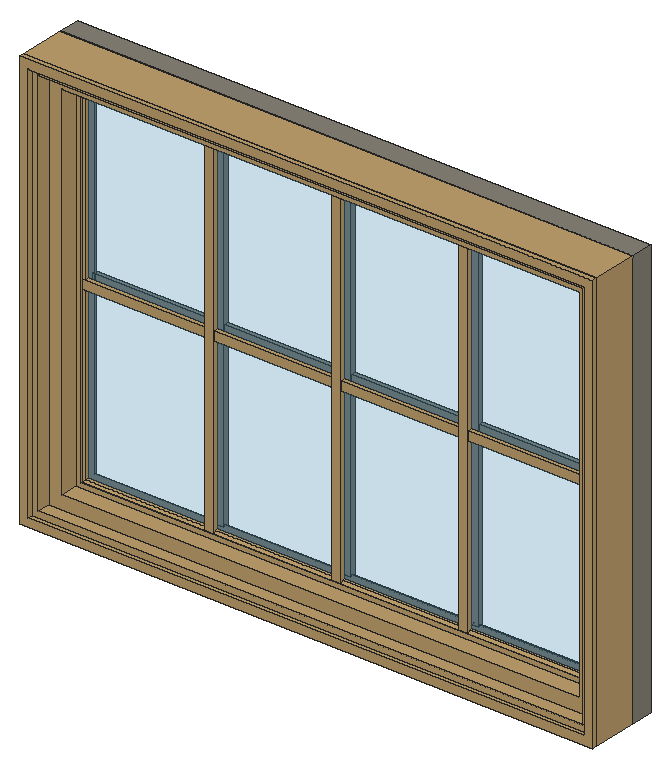
Revit family
Parameters (values of type "CUAWN4836")
  Window Type = "Clad Ultimate Awning"
  Vent Area = VO Width * VO Height  # 8.52221 SF
  VO Width = if(Width < 1' 8", Width - 0' 9 19/32", Width - 0' 7 7/64")  # 3' - 4 57/64"
  VO Height = Height - 0' 5 29/256"  # 2' - 6 3/256"
  URL = "www.marvin.com"
  Prairie Corner Width = 0' - 4"
  Prairie Corner Height = 0' - 4"
  Nominal Width = 4' - 0"
  Nominal Height = 3' - 0"
  Muntins Interior Material = Wood-Marvin-Pine
  Muntins Exterior Material = Aluminum-Marvin-Bronze
  Model = "CUAWN4836"
  Manufacturer = "Marvin Windows and Doors"
  Lites Wide Constraint = if(Nominal Width > 1' 4", Lites Wide, if(Lites Wide < 2, 1, 2))  # 4
  Lites Wide = 4
  Lites High Constraint = if(Nominal Height > 1' 4", Lites High, if(Lites High < 2, 1, 2))  # 2
  Lites High = 2
  Lite Cut Prairie 9 Constraint = if(and(Nominal Width > 1' 4", Nominal Height > 1' 4"), Lite Cut Prairie 9, 1 = 0)  # no
  Lite Cut Prairie 9 = no
  Lite Cut HV Grid = not(Lite Cut Prairie 9 Constraint)  # yes
  Label Visibility = no
  Interior Material = Wood-Marvin-Pine
  Glazing Material = Glass-Marvin-IG Low E II with Argon
  Glass Type = "IG Low E II with Argon"
  Frame = "Aluminum Clad"
  Family created by = "www.rbuiltcomponents.com"
  Elev Swing Visibility [instance] = yes
  Rough Width = Width + 0' 1"  # 4' - 1"
  Rough Height = Height + 0' 0 1/2"  # 2' - 11 5/8"
  Muntins Interior Visibility = yes
  Muntins Exterior Visibility = yes
  Jamb Extension Visibility = yes
  Inset to Installation Flange [instance] = 0' - 1"
  Height = Nominal Height - 0' 0 7/8"  # 2' - 11 1/8"
  Design Pressure = "DP50"
  Description = "4836 AWNG"
  Default Head Height = 8' - 0"
  Wall Closure = (empty or 0)
  Width = Nominal Width  # 4' - 0"
  Daylight Area = DLO Width * DLO Height  # 8.58765 SF
  DLO Width = Width - 0' 5 13/16"  # 3' - 6 3/16"
  DLO Height = Height - 0' 5 13/16"  # 2' - 5 5/16"
  Cladding Material = Aluminum-Marvin-Bronze
  Assembly Code = ""
  Note To User = "All Lite Constraints Apply To Nominal Widths Or Heights < 1 - 6"  # constant formula
Reference planes (in)
  plane 1 "Center (Front/Back)": y = 0
  plane 2: z = 0
  plane 3 "Center (Left/Right)": x = -3
  plane 4 "Left": x = -27
  plane 5 "Right": x = 21
  plane 6 "Sill": z = 60.875
  plane 7 "Top": z = 96
  plane 8 "Inset": y = 2
  plane 9 "Glazing": y = 1.25
  plane 10 "Jamb Ext Face": y = -2.5625
  plane 11: z = 78.4375
  plane 12: y = -2.625
Forms (in)
  Sweep 1, solid, material "Aluminum-Marvin-Bronze" <- "Cladding Material"
    path origin (0, 1.25, 0) x (1, 0, 0) y (0, 0, 1)
      loop
        line (-27, 96) -> (-27, 60.875) -> (21, 60.875) -> (21, 96) -> (-27, 96)
    profile "Profile_Ext_Clad_Frame : Profile_Ext_Clad_Frame" origin (-27, 1.25, 78.4375) x (1, 0, 0) y (0, -1, 0)
      loop
        line (0, 0) -> (0, -1.84401) -> (0.52105, -1.84401) -> (0.62315, -0.38401) -> (2.696, -0.38401) -> (2.696, -0.2654) -> (2.896, -0.0654) -> (2.896, 0) -> (0, 0)
  Sweep 2, solid, material "Wood-Marvin-Pine" <- "Interior Material"
    path origin (0, 1.25, 0) x (1, 0, 0) y (0, 0, 1)
      loop
        line (-27, 96) -> (-27, 60.875) -> (21, 60.875) -> (21, 96) -> (-27, 96)
    profile "Profile_Int_Frame : Profile_Int_Frame" origin (-27, 1.25, 78.4375) x (1, 0, 0) y (0, -1, 0)
      loop
        line (0, 0) -> (2.208, 0) -> (2.208, 0.75299) -> (2.896, 0.75299) -> (2.896, 0.94965) -> (2.7085, 1.13715) -> (2.7085, 1.23699) -> (2.30184, 1.23699) -> (2.30184, 2.71113) -> (1.188, 2.71113) -> (1.188, 3.81199) -> (0, 3.81199) -> (0, 0)
  Extrusion 3, solid, material "Wood-Marvin-Pine" <- "Interior Material", visible <- "Jamb Extension Visibility", detail levels medium+fine
    sketch origin (0, -2.5625, 0) x (1, 0, 0) y (0, 0, 1)
      loop
        line (-27, 96) -> (-27, 60.875) -> (21, 60.875) -> (21, 96) -> (-27, 96)
      loop
        line (-26.3125, 61.5625) -> (20.3125, 61.5625) -> (20.3125, 95.3125) -> (-26.3125, 95.3125) -> (-26.3125, 61.5625)
    from 0.0625 to 0.4375
  Extrusion 4, solid, material "Glass-Marvin-IG Low E II with Argon" <- "Glazing Material"
    sketch origin (0, 1.25, 0) x (1, 0, 0) y (0, 0, 1)
      loop
        line (18.65625, 93.65625) -> (-24.65625, 93.65625) -> (-24.65625, 63.21875) -> (18.65625, 63.21875) -> (18.65625, 93.65625)
    from 0 to 0.125
  Extrusion 5, solid, material "Glass-Marvin-IG Low E II with Argon" <- "Glazing Material"
    sketch origin (0, 1.25, 0) x (1, 0, 0) y (0, 0, 1)
      loop
        line (18.65625, 93.65625) -> (-24.65625, 93.65625) -> (-24.65625, 63.21875) -> (18.65625, 63.21875) -> (18.65625, 93.65625)
    from 0.625 to 0.75
Lines and regions (in)
  Opening 1
    outline origin (-60, -3, 0) x (1, 0, 0) y (0, 0, 1)
      loop
        line (33, 96) -> (33, 60.875) -> (81, 60.875) -> (81, 96) -> (33, 96)
  Masking region 1
    outline origin (0, 0, 60.875) x (0, -1, 0) y (1, 0, 0)
      loop
        line (-3.09401, -27) -> (2.5625, -27) -> (2.5625, 21) -> (-3.09401, 21) -> (-3.09401, -27)
  Masking region 2
    outline origin (-3, 0, 0) x (0, 1, 0) y (0, 0, 1)
      loop
        line (3.09401, 96) -> (-2.5625, 96) -> (-2.5625, 60.875) -> (3.09401, 60.875) -> (3.09401, 96)
  Masking region 3, visible <- "Jamb Extension Visibility"
    outline origin (0, 0, 0) x (1, 0, 0) y (0, 1, 0)
      loop
        line (-27, -2.625) -> (-27, -3) -> (21, -3) -> (21, -2.625) -> (-27, -2.625)
  Masking region 4, visible <- "Jamb Extension Visibility"
    outline origin (-3, 0, 0) x (0, 1, 0) y (0, 0, 1)
      loop
        line (-2.625, 96) -> (-3, 96) -> (-3, 60.875) -> (-2.625, 60.875) -> (-2.625, 96)
  symbolic lines, style "Jamb Extension", visible <- "Jamb Extension Visibility", detail levels fine
    curve 1: line (-27, -3, 60.875) -> (-26.3125, -3, 60.875)
    curve 2: line (-26.3125, -3, 60.875) -> (-26.3125, -2.625, 60.875)
    curve 3: line (21, -3, 60.875) -> (20.3125, -3, 60.875)
    curve 4: line (20.3125, -3, 60.875) -> (20.3125, -2.625, 60.875)
    curve 5: line (-3, -3, 95.3125) -> (-3, -2.625, 95.3125)
    curve 6: line (-3, -3, 61.5625) -> (-3, -2.625, 61.5625)
  symbolic lines, style "WindowsFrameMullionProjection", detail levels coarse+medium
    curve 7: line (21, -2.5625, 0) -> (19.812, -2.5625, 0)
    curve 8: line (19.812, -2.5625, 0) -> (19.812, 3.09401, 0)
    curve 9: line (19.812, 3.09401, 0) -> (21, 3.09401, 0)
    curve 10: line (19.812, 1.63401, 0) -> (18.104, 1.63401, 0)
    curve 11: line (18.104, 1.63401, 0) -> (18.104, 0.01301, 0)
    curve 12: line (-25.812, 0.01301, 0) -> (-24.13337, 0.01301, 0)
    curve 13: line (-27, -2.5625, 0) -> (-25.812, -2.5625, 0)
    curve 14: line (-25.812, -2.5625, 0) -> (-25.812, 3.09401, 0)
    curve 15: line (-25.812, 3.09401, 0) -> (-27, 3.09401, 0)
    curve 16: line (-24.13337, 1.63401, 0) -> (-24.13337, 0.01301, 0)
    curve 17: line (-3, 3.09401, 96) -> (-3, 3.09401, 94.812)
    curve 18: line (-3, 3.09401, 94.812) -> (-3, -2.5625, 94.812)
    curve 19: line (-3, -2.5625, 94.812) -> (-3, -2.5625, 96)
    curve 20: line (-3, 1.63401, 94.812) -> (-3, 1.63401, 93.104)
    curve 21: line (-3, 1.63401, 93.104) -> (-3, 0.00901, 93.104)
    curve 22: line (-3, 0.00901, 62.063) -> (-3, 0.00901, 63.771)
    curve 23: line (-3, 3.09401, 60.875) -> (-3, 3.09401, 62.063)
    curve 24: line (-3, 3.09401, 62.063) -> (-3, -2.5625, 62.063)
    curve 25: line (-3, -2.5625, 62.063) -> (-3, -2.5625, 60.875)
    curve 26: line (-3, 1.63401, 63.771) -> (-3, 0.00901, 63.771)
    curve 29: line (18.104, 1.63401, 0) -> (-24.13337, 1.63401, 0)
    curve 30: line (18.104, 0.01301, 0) -> (19.812, 0.01301, 0)
    curve 31: line (-24.13337, 0.01301, 0) -> (18.104, 0.01301, 0)
    curve 32: line (-24.13337, 1.63401, 0) -> (-25.812, 1.63401, 0)
    curve 33: line (-3, 0.00901, 63.771) -> (-3, 0.00901, 93.104)
    curve 34: line (-3, 1.63401, 63.771) -> (-3, 1.63401, 62.063)
    curve 35: line (-3, 0.00901, 93.104) -> (-3, 0.00901, 94.812)
    curve 36: line (-3, 1.63401, 93.104) -> (-3, 1.63401, 63.771)
  symbolic lines, style "WindowsGlassProjection", detail levels coarse+medium
    curve 27: line (-3, 0.82151, 93.104) -> (-3, 0.82151, 63.771)
    curve 28: line (-24.13337, 0.82351, 0) -> (18.104, 0.82351, 0)
  symbolic lines, style "Elevation Swing", visible <- "Elev Swing Visibility"
    curve 37: line (20.37685, 0, 61.49815) -> (-3, 0, 95.37685)
    curve 38: line (-26.37685, 0, 61.49815) -> (-3, 0, 95.37685)
  symbolic lines, style "WindowsFrameMullionProjection"
    curve 39: line (-3, -2.5625, 62.063) -> (-3, -2.5625, 94.812)
    curve 40: line (-25.812, -2.5625, 60.875) -> (19.812, -2.5625, 60.875)
  symbolic lines, style "WindowsFrameMullionProjection", visible <- "Jamb Extension Visibility", detail levels coarse+medium
    curve 41: line (-26.3125, -2.625, 60.875) -> (-26.3125, -3, 60.875)
    curve 42: line (-26.3125, -3, 60.875) -> (-27, -3, 60.875)
    curve 43: line (20.3125, -2.625, 60.875) -> (20.3125, -3, 60.875)
    curve 44: line (20.3125, -3, 60.875) -> (21, -3, 60.875)
    curve 47: line (-3, -2.625, 95.3125) -> (-3, -3, 95.3125)
    curve 48: line (-3, -3, 95.3125) -> (-3, -3, 96)
    curve 49: line (-3, -2.625, 61.5625) -> (-3, -3, 61.5625)
    curve 50: line (-3, -3, 61.5625) -> (-3, -3, 60.875)
  symbolic lines, style "Jamb Extension", visible <- "Jamb Extension Visibility"
    curve 45: line (-3, -3, 61.5625) -> (-3, -3, 60.875)
    curve 46: line (-3, -3, 95.3125) -> (-3, -3, 96)
Text (in)
  text "EXTERIOR" at (-58.6888, 50.90694, 0), in view "Ref. Level"
  text "INTERIOR" at (-58.6888, -37.76638, 0), in view "Ref. Level"
  text "Exterior" at (0, 43.65631, 123.19604), in view "Left"
  text "Exterior" at (0, 18.29385, 125.04747), in view "Right"
Dimensions and locks (in)
  equal spacing: plane 4 "Left", plane 3 "Center (Left/Right)", plane 5 "Right"
  "Width": plane 4 "Left" to plane 5 "Right"
  "Height": plane 6 "Sill" to plane 7 "Top"
  "Inset to Installation Flange": host wall to plane 8 "Inset"
  locked: plane 9 "Glazing" to plane 8 "Inset" at 0.75
  locked: plane 10 "Jamb Ext Face" to plane 8 "Inset" at 4.5625
  locked: Extrusion 4 sketch curve to plane 5 "Right" at 2.34375
  locked: plane 4 "Left" to Extrusion 4 sketch curve at 2.34375
  locked: Extrusion 4 sketch curve to plane 7 "Top" at 2.34375
  locked: plane 6 "Sill" to Extrusion 4 sketch curve at 2.34375
  plane 8 "Inset" to curve 20 to curve 35 = 0' - 0.36599", 0' - 1 5/8"
  equal spacing: curve 30, curve 10, plane 8 "Inset"
  locked: nested 3 to plane 9 "Glazing" at 0.75
  equal spacing: plane 6 "Sill", plane 11, plane 7 "Top"
  "Default Head Height": plane 2 to plane 7 "Top"
  locked: Extrusion 3 sketch curve to Extrusion 3 sketch curve at 0.6875  (x2)
  locked: Sweep 2 to Extrusion 3 sketch curve at 0.6875
  locked: plane 7 "Top" to Extrusion 3 sketch curve at 0.6875
  locked: nested 5 to host wall at 12.00106
  locked: Extrusion 5 sketch curve to plane 7 "Top" at 2.34375
  locked: Extrusion 5 sketch curve to plane 5 "Right" at 2.34375
  locked: plane 6 "Sill" to Extrusion 5 sketch curve at 2.34375
  locked: plane 4 "Left" to Extrusion 5 sketch curve at 2.34375
  locked: plane 9 "Glazing" to Extrusion 4 at 0.125
  locked: plane 9 "Glazing" to Extrusion 5 at 0.625
  locked: plane 9 "Glazing" to Extrusion 5 at 0.75
  locked: Extrusion 5 to Extrusion 5 at 0.125
  locked: plane 12 to plane 10 "Jamb Ext Face" at 0.0625
  aligned and locked: plane 7 "Top" to Opening 1 sketch curve
  aligned and locked: plane 6 "Sill" to Opening 1 sketch curve  (x2)
  aligned and locked: plane 5 "Right" to Opening 1 sketch curve
  aligned and locked: plane 4 "Left" to Opening 1 sketch curve
  aligned and locked: nested 1 to plane 3 "Center (Left/Right)"
  aligned and locked: plane 8 "Inset" to nested 1
  aligned and locked: host wall to curve 1
  aligned and locked: curve 3 to host wall
  aligned and locked: plane 7 "Top" to Sweep 1 sketch curve
  aligned and locked: Sweep 1 sketch curve to plane 6 "Sill"
  aligned and locked: plane 5 "Right" to Sweep 1 sketch curve
  aligned and locked: Sweep 1 sketch curve to plane 4 "Left"
  aligned and locked: Sweep 2 sketch curve to plane 4 "Left"
  aligned and locked: plane 5 "Right" to Sweep 2 sketch curve
  aligned and locked: plane 7 "Top" to Sweep 2 sketch curve
  aligned and locked: Sweep 2 sketch curve to plane 6 "Sill"
  aligned and locked: plane 6 "Sill" to nested 2
  aligned and locked: plane 8 "Inset" to nested 2
  aligned and locked: Extrusion 3 sketch curve to plane 6 "Sill"
  aligned and locked: plane 5 "Right" to Extrusion 3 sketch curve
  aligned and locked: plane 11 to nested 3
  aligned and locked: plane 9 "Glazing" to nested 4
  aligned and locked: nested 4 to plane 11
  aligned and locked: nested 4 to plane 3 "Center (Left/Right)"
  aligned and locked: plane 3 "Center (Left/Right)" to nested 3
  aligned and locked: plane 5 "Right" to Masking region 1 sketch curve
  aligned and locked: Masking region 1 sketch curve to plane 4 "Left"
  aligned and locked: Masking region 1 sketch curve to Sweep 1
  aligned and locked: Masking region 2 sketch curve to Sweep 1
  aligned and locked: plane 7 "Top" to Masking region 2 sketch curve
  aligned and locked: Masking region 2 sketch curve to plane 6 "Sill"
  aligned and locked: host wall to Extrusion 3
  aligned and locked: Sweep 1 to curve 15
  aligned and locked: curve 9 to Sweep 1
  aligned and locked: curve 23 to Sweep 1
  aligned and locked: curve 17 to Sweep 1
  aligned and locked: plane 3 "Center (Left/Right)" to nested 5
  aligned and locked: Extrusion 3 sketch curve to plane 4 "Left"
  aligned and locked: plane 7 "Top" to Extrusion 3 sketch curve
  aligned and locked: curve 5 to Extrusion 3
  aligned and locked: curve 2 to Extrusion 3
  aligned and locked: curve 4 to Extrusion 3
  aligned and locked: plane 10 "Jamb Ext Face" to curve 13
  aligned and locked: curve 7 to plane 10 "Jamb Ext Face"
  aligned and locked: curve 40 to curve 14
  aligned and locked: curve 40 to curve 8
  aligned and locked: plane 10 "Jamb Ext Face" to curve 40
  aligned and locked: plane 4 "Left" to curve 42
  aligned and locked: curve 41 to Extrusion 3
  aligned and locked: curve 42 to host wall
  aligned and locked: plane 5 "Right" to curve 44
  aligned and locked: Extrusion 3 to curve 43
  aligned and locked: host wall to curve 44
  aligned and locked: curve 25 to plane 10 "Jamb Ext Face"
  aligned and locked: curve 24 to curve 39
  aligned and locked: plane 6 "Sill" to curve 45
  aligned and locked: curve 45 to Extrusion 3
  aligned and locked: curve 45 to host wall
  aligned and locked: plane 10 "Jamb Ext Face" to curve 19
  aligned and locked: plane 7 "Top" to curve 46
  aligned and locked: plane 7 "Top" to curve 48
  aligned and locked: host wall to curve 48
  aligned and locked: Extrusion 3 to curve 47
  aligned and locked: plane 6 "Sill" to curve 50
  aligned and locked: curve 49 to Extrusion 3
  aligned and locked: Sweep 2 to curve 39
  aligned and locked: Extrusion 4 to plane 9 "Glazing"
  aligned and locked: Sweep 1 to curve 10
  aligned and locked: Sweep 1 to curve 32
  aligned and locked: curve 12 to Sweep 2
  aligned and locked: Sweep 2 to curve 30
  aligned and locked: curve 8 to nested 1
  aligned and locked: curve 14 to Sweep 2
  aligned and locked: Extrusion 3 to plane 12
  aligned and locked: plane 12 to curve 2
  aligned and locked: plane 12 to curve 41
  aligned and locked: plane 12 to curve 4
  aligned and locked: plane 12 to curve 43
  aligned and locked: plane 12 to curve 5
  aligned and locked: plane 12 to curve 47
  aligned and locked: plane 12 to curve 6
  aligned and locked: plane 12 to curve 49
  aligned and locked: plane 12 to Masking region 3 sketch curve
  aligned and locked: Masking region 3 sketch curve to host wall
  aligned and locked: Masking region 3 sketch curve to plane 4 "Left"
  aligned and locked: plane 5 "Right" to Masking region 3 sketch curve
  aligned and locked: plane 12 to Masking region 4 sketch curve
  aligned and locked: Masking region 4 sketch curve to host wall
  aligned and locked: plane 7 "Top" to Masking region 4 sketch curve
  aligned and locked: Masking region 4 sketch curve to plane 6 "Sill"
  aligned and locked: Masking region 1 sketch curve to plane 10 "Jamb Ext Face"
  aligned and locked: Masking region 2 sketch curve to plane 10 "Jamb Ext Face"
  aligned and locked: Sweep 1 to curve 37  (x2)
  aligned and locked: curve 38 to Sweep 1
Automatic sketch dimensions
  curve 13 to plane 4 "Left" = 0' - 0"
  curve 15 to plane 4 "Left" = 0' - 0"
  curve 7 to plane 5 "Right" = 0' - 0"
  curve 9 to plane 5 "Right" = 0' - 0"
  plane 9 "Glazing" to curve 28 = 0' - 0.42649"
  curve 11 to curve 30 = 0' - 1.708"
  curve 1 to plane 4 "Left" = 0' - 0"
  curve 3 to plane 5 "Right" = 0' - 0"
  curve 25 to plane 6 "Sill" = 0' - 0"
  curve 23 to plane 6 "Sill" = 0' - 0"
  curve 17 to plane 7 "Top" = 0' - 0"
  curve 19 to plane 7 "Top" = 0' - 0"
  plane 9 "Glazing" to curve 27 = 0' - 0.42849"
  curve 6 to curve 25 = 0' - 0.5005"
  curve 22 to curve 26 = 0' - 1.708"
  curve 36 to curve 20 = 0' - 1.708"
  curve 12 to curve 16 = 0' - 1.67863"
  curve 37 to plane 3 "Center (Left/Right)" = 0' - 0"
  curve 38 to plane 4 "Left" = 0' - 0.62315"
  plane 5 "Right" to curve 37 = 0' - 0.62315"
Nested families (in)
  nested 1: "Casement_Plan_Detail" at (-3, 2, 60.875) x (-1, 0, 0) z (0, 0, -1), type "Casement_Plan_Detail", detail levels fine
    with Width 4' - 0"
  nested 2: "Casement_Section_Detail" at (-3, 2, 96) x (0, -1, 0) z (1, 0, 0), type "Casement_Section_Detail", detail levels fine
    with Height 2' - 11 1/8"
  nested 3: "Muntins" at (-3, 0.5, 27.78125), visible <- "Muntins Interior Visibility", Muntin Material <- "Muntins Interior Material", type "Muntins"
    with Muntin Material Wood-Marvin-Pine, GlazingWidth 3' - 6 3/16", GlazingHeight 2' - 5 5/16", Width 3' - 6 5/8", VerticalMuntins 3, LitesVertical 2, LitesHorizontal 4, HorizMuntVisible no, Height 2' - 5 3/4", Inset Vert 0' - 10 9/32", Inset Horiz 0' - 9.54167", CenterMuntinHorizontal yes
  nested 4: "Muntins" at (-3, 1.25, 27.78125), visible <- "Muntins Exterior Visibility", Muntin Material <- "Muntins Exterior Material", type "Muntins"
    with Muntin Material Aluminum-Marvin-Bronze, GlazingWidth 3' - 6 3/16", GlazingHeight 2' - 5 5/16", Width 3' - 6 5/8", VerticalMuntins 3, LitesVertical 2, LitesHorizontal 4, HorizMuntVisible no, Height 2' - 5 3/4", Inset Vert 0' - 10 9/32", Inset Horiz 0' - 9.54167", CenterMuntinHorizontal yes
  nested 5: "Label Annotation 1-16 w" at (-3, 15.00106, 0), visible <- "Label Visibility", type "Label Annotation 1-16 w"
Definition of nested family "Muntins"
  Parameters (values of type "Muntins")
    PrairieMuntVisible = no
    Prairie Corner Width = 0' - 4"
    Prairie Corner Height = 0' - 4"
    Muntin Extension = 0' - 0 7/16"
    GridMuntVisible = yes
    GlazingWidth = 2' - 0"
    GlazingHeight = 2' - 11 1/8"
    Width = GlazingWidth + Muntin Extension  # 2' - 0 7/16"
    VerticalMuntins = if(LitesHorizontal < 3, 2, LitesHorizontal - 1)  # 2
    VertMuntVisible = and(GridMuntVisible, LitesHorizontal > 2)  # yes
    MuntinWidth = 0' - 0 3/4"
    MuntinDepth [instance] = 0' - 0 3/8"
    Muntin Material [instance] = none
    LitesVertical = 3
    LitesHorizontal = 3
    HorizontalMuntins = if(LitesVertical < 3, 2, LitesVertical - 1)  # 2
    HorizMuntVisible = and(GridMuntVisible, LitesVertical > 2)  # yes
    Height = GlazingHeight + Muntin Extension  # 2' - 11 9/16"
    Inset Vert = if(LitesHorizontal < 3, (Width / 3) - (MuntinWidth / 2), (Width / LitesHorizontal) - (MuntinWidth / 2))  # 0' - 7.77083"
    Inset Horiz = if(LitesVertical < 3, (Height / 3) - (MuntinWidth / 2), (Height / LitesVertical) - (MuntinWidth / 2))  # 0' - 11.47917"
    CenterMuntinVertical = and(GridMuntVisible, LitesHorizontal = 2)  # no
    CenterMuntinHorizontal = and(GridMuntVisible, LitesVertical = 2)  # no
    Assembly Code = ""
  Reference planes (in)
    plane 1 "Center (Front/Back)": y = 0
    plane 2: z = 0
    plane 3 "Center (Left/Right)": x = 0
    plane 4: z = 35.78125
    plane 5: z = 53.5625
    plane 6: z = 71.34375
    plane 7: z = 59.86458
    plane 8: z = 47.26042
    plane 9: z = 71.125
    plane 10: z = 36
    plane 11: x = -12
    plane 12: x = 12
    plane 13: x = -4.44792
    plane 14: x = -12.21875
    plane 15: x = 12.21875
    plane 16: x = 4.44792
    plane 17: z = 67.125
    plane 18: z = 40
    plane 19: x = -8
    plane 20: x = 8
  Forms (in)
    Extrusion 1, solid, material <- "Muntin Material", visible <- "CenterMuntinVertical", detail levels medium+fine
      sketch origin (9, 0, 0) x (1, 0, 0) y (0, 0, 1)
        loop
          line (-9.375, 71.34375) -> (-9.375, 35.78125) -> (-8.625, 35.78125) -> (-8.625, 71.34375) -> (-9.375, 71.34375)
      from 0 to 0.375 <- "MuntinDepth"
    Extrusion 2, solid, material <- "Muntin Material", visible <- "CenterMuntinHorizontal", detail levels medium+fine
      sketch origin (-0.0013, 0, 14.6875) x (1, 0, 0) y (0, 0, 1)
        loop
          line (-12.21745, 39.25) -> (-12.21745, 38.5) -> (12.22005, 38.5) -> (12.22005, 39.25) -> (-12.21745, 39.25)
      from 0 to 0.375 <- "MuntinDepth"
    Extrusion 3, solid, material <- "Muntin Material", visible <- "VertMuntVisible", detail levels medium+fine
      sketch origin (4.92708, 0, -2.90625) x (1, 0, 0) y (0, 0, 1)
        loop
          line (-9.375, 74.25) -> (-9.375, 38.6875) -> (-8.625, 38.6875) -> (-8.625, 74.25) -> (-9.375, 74.25)
      from 0 to 0.375 <- "MuntinDepth"
    Extrusion 4, solid, material <- "Muntin Material", visible <- "HorizMuntVisible", detail levels medium+fine
      sketch origin (-3.09635, 0, 14.17708) x (1, 0, 0) y (0, 0, 1)
        loop
          line (-9.1224, 45.6875) -> (-9.1224, 44.9375) -> (15.3151, 44.9375) -> (15.3151, 45.6875) -> (-9.1224, 45.6875)
      from 0 to 0.375 <- "MuntinDepth"
    Extrusion 5, solid, material <- "Muntin Material", visible <- "HorizMuntVisible", detail levels medium+fine
      sketch origin (-3.09635, 0, 2.32292) x (1, 0, 0) y (0, 0, 1)
        loop
          line (-9.1224, 45.6875) -> (-9.1224, 44.9375) -> (15.3151, 44.9375) -> (15.3151, 45.6875) -> (-9.1224, 45.6875)
      from 0 to 0.375 <- "MuntinDepth"
    Extrusion 6, solid, material <- "Muntin Material", visible <- "VertMuntVisible", detail levels medium+fine
      sketch origin (13.07292, 0, -2.90625) x (1, 0, 0) y (0, 0, 1)
        loop
          line (-9.375, 74.25) -> (-9.375, 38.6875) -> (-8.625, 38.6875) -> (-8.625, 74.25) -> (-9.375, 74.25)
      from 0 to 0.375 <- "MuntinDepth"
    Extrusion 7, solid, material <- "Muntin Material", visible <- "PrairieMuntVisible", detail levels medium+fine
      sketch origin (1, 0, 0) x (1, 0, 0) y (0, 0, 1)
        loop
          line (-9, 71.34375) -> (-9, 35.78125) -> (-8.25, 35.78125) -> (-8.25, 71.34375) -> (-9, 71.34375)
      from 0 to 0.375 <- "MuntinDepth"
    Extrusion 8, solid, material <- "Muntin Material", visible <- "PrairieMuntVisible", detail levels medium+fine
      sketch origin (17, 0, 0) x (1, 0, 0) y (0, 0, 1)
        loop
          line (-9.75, 71.34375) -> (-9.75, 35.78125) -> (-9, 35.78125) -> (-9, 71.34375) -> (-9.75, 71.34375)
      from 0 to 0.375 <- "MuntinDepth"
    Extrusion 9, solid, material <- "Muntin Material", visible <- "PrairieMuntVisible", detail levels medium+fine
      sketch origin (-0.0013, 0, 28.25) x (1, 0, 0) y (0, 0, 1)
        loop
          line (-12.21745, 38.875) -> (-12.21745, 38.125) -> (12.22005, 38.125) -> (12.22005, 38.875) -> (-12.21745, 38.875)
      from 0 to 0.375 <- "MuntinDepth"
    Extrusion 10, solid, material <- "Muntin Material", visible <- "PrairieMuntVisible", detail levels medium+fine
      sketch origin (-0.0013, 0, 1.125) x (1, 0, 0) y (0, 0, 1)
        loop
          line (-12.21745, 39.625) -> (-12.21745, 38.875) -> (12.22005, 38.875) -> (12.22005, 39.625) -> (-12.21745, 39.625)
      from 0 to 0.375 <- "MuntinDepth"
  Cuts and joins
    joined: Extrusion 7, Extrusion 8, Extrusion 9, Extrusion 10
  Lines and regions (in)
    model lines, style "Muntins", visible <- "CenterMuntinHorizontal", detail levels coarse
      curve 1: line (-12.21875, 0, 53.5625) -> (12.21875, 0, 53.5625)
    model lines, style "Muntins", visible <- "HorizMuntVisible", detail levels coarse
      curve 2: line (-12.21875, 0, 59.48958) -> (12.21875, 0, 59.48958)
      curve 3: line (-12.21875, 0, 47.63542) -> (12.21875, 0, 47.63542)
    model lines, style "Muntins", visible <- "CenterMuntinVertical", detail levels coarse
      curve 4: line (0, 0, 71.34375) -> (0, 0, 35.78125)
    model lines, style "Muntins", visible <- "VertMuntVisible", detail levels coarse
      curve 5: line (-4.07292, 0, 71.34375) -> (-4.07292, 0, 35.78125)
      curve 6: line (4.07292, 0, 71.34375) -> (4.07292, 0, 35.78125)
    model lines, style "Muntins", visible <- "PrairieMuntVisible", detail levels coarse
      curve 7: line (-12.21875, 0, 66.75) -> (12.21875, 0, 66.75)
      curve 8: line (-12.21875, 0, 40.375) -> (12.21875, 0, 40.375)
      curve 9: line (-7.625, 0, 35.78125) -> (-7.625, 0, 71.34375)
      curve 10: line (7.625, 0, 35.78125) -> (7.625, 0, 71.34375)
  Dimensions and locks (in)
    "Inset Horiz": plane 6 to plane 7
    "Inset Horiz": plane 8 to plane 4
    equal spacing: plane 6, plane 5, plane 4
    "Height": plane 6 to plane 4
    "GlazingHeight": plane 9 to plane 10
    equal spacing: plane 9, plane 5, plane 10
    "GlazingWidth": plane 12 to plane 11
    equal spacing: plane 12, plane 3 "Center (Left/Right)", plane 11
    "MuntinWidth": Extrusion 1 sketch curve to Extrusion 1 sketch curve
    "Height": Extrusion 1 sketch curve to Extrusion 1 sketch curve
    "MuntinWidth": Extrusion 2 sketch curve to Extrusion 2 sketch curve
    "Width": Extrusion 2 sketch curve to Extrusion 2 sketch curve
    "MuntinWidth": Extrusion 3 sketch curve to Extrusion 3 sketch curve
    "Height": Extrusion 3 sketch curve to Extrusion 3 sketch curve
    "Width": plane 15 to plane 14
    equal spacing: plane 15, plane 3 "Center (Left/Right)", plane 14
    "Inset Vert": plane 13 to plane 14
    "Inset Vert": plane 15 to plane 16
    "MuntinWidth": Extrusion 4 sketch curve to Extrusion 4 sketch curve
    "Width": Extrusion 4 sketch curve to Extrusion 4 sketch curve
    "MuntinWidth": Extrusion 5 sketch curve to Extrusion 5 sketch curve
    "Width": Extrusion 5 sketch curve to Extrusion 5 sketch curve
    group 2 to group 3 = 0' - 0"  (x2)
    group 3 to group 2 = 0' - 11.85417"
    "MuntinWidth": Extrusion 6 sketch curve to Extrusion 6 sketch curve
    "Height": Extrusion 6 sketch curve to Extrusion 6 sketch curve
    group 4 to group 5 = 0' - 8.14583"
    group 4 to group 5 = 0' - 0"  (x2)
    "Prairie Corner Width": plane 19 to plane 11
    "Prairie Corner Width": plane 20 to plane 12
    "Prairie Corner Height": plane 9 to plane 17
    "Prairie Corner Height": plane 18 to plane 10
    "MuntinWidth": Extrusion 7 sketch curve to Extrusion 7 sketch curve
    "Height": Extrusion 7 sketch curve to Extrusion 7 sketch curve
    "MuntinWidth": Extrusion 8 sketch curve to Extrusion 8 sketch curve
    "Height": Extrusion 8 sketch curve to Extrusion 8 sketch curve
    "MuntinWidth": Extrusion 9 sketch curve to Extrusion 9 sketch curve
    "Width": Extrusion 9 sketch curve to Extrusion 9 sketch curve
    "MuntinWidth": Extrusion 10 sketch curve to Extrusion 10 sketch curve
    "Width": Extrusion 10 sketch curve to Extrusion 10 sketch curve
    aligned and locked: plane 6 to Extrusion 1  (x2)
    aligned and locked: Extrusion 1 to plane 4  (x3)
    aligned and locked: Extrusion 3 to plane 13  (x5)
    aligned and locked: Extrusion 3 to plane 4  (x3)
    aligned and locked: Extrusion 2 to plane 14
    aligned and locked: plane 15 to Extrusion 2
    aligned and locked: plane 6 to Extrusion 3
    aligned and locked: plane 7 to Extrusion 4
    aligned and locked: Extrusion 4 to plane 14
    aligned and locked: plane 15 to Extrusion 4
    aligned and locked: curve 1 to plane 5
    aligned and locked: plane 14 to curve 1
    aligned and locked: plane 15 to curve 1
    aligned and locked: Extrusion 5 to plane 14
    aligned and locked: Extrusion 5 to plane 8
    aligned and locked: plane 15 to Extrusion 5
    aligned and locked: Extrusion 5 to curve 3  (x2)
    aligned and locked: Extrusion 4 to curve 2  (x2)
    aligned and locked: curve 4 to plane 3 "Center (Left/Right)"
    aligned and locked: Extrusion 1 to curve 4  (x2)
    aligned and locked: Extrusion 3 to curve 5  (x2)
    aligned and locked: Extrusion 6 to curve 6  (x2)
    aligned and locked: Extrusion 6 to plane 16
    aligned and locked: plane 6 to Extrusion 6
    aligned and locked: plane 6 to curve 6
    aligned and locked: Extrusion 6 to plane 4
    aligned and locked: plane 4 to curve 6
    aligned and locked: cut or joined group of Extrusion 7, Extrusion 8, Extrusion 9, Extrusion 10 to plane 19
    aligned and locked: plane 20 to cut or joined group of Extrusion 7, Extrusion 8, Extrusion 9, Extrusion 10
    aligned and locked: plane 17 to cut or joined group of Extrusion 7, Extrusion 8, Extrusion 9, Extrusion 10
    aligned and locked: cut or joined group of Extrusion 7, Extrusion 8, Extrusion 9, Extrusion 10 to plane 18
    aligned and locked: cut or joined group of Extrusion 7, Extrusion 8, Extrusion 9, Extrusion 10 to curve 7  (x2)
    aligned and locked: cut or joined group of Extrusion 7, Extrusion 8, Extrusion 9, Extrusion 10 to curve 8  (x2)
    aligned and locked: cut or joined group of Extrusion 7, Extrusion 8, Extrusion 9, Extrusion 10 to curve 9  (x2)
    aligned and locked: cut or joined group of Extrusion 7, Extrusion 8, Extrusion 9, Extrusion 10 to curve 10  (x2)
  Automatic sketch dimensions
    Extrusion 1 sketch curve to plane 4 = 0' - 0"
    Extrusion 1 sketch curve to plane 3 "Center (Left/Right)" = 0' - 0 3/8"
    Extrusion 2 sketch curve to plane 14 = 0' - 0"
    Extrusion 2 sketch curve to plane 5 = 0' - 0 3/8"
    Extrusion 7 sketch curve to plane 4 = 0' - 0"
    Extrusion 7 sketch curve to plane 19 = 0' - 0"
    Extrusion 8 sketch curve to plane 4 = 0' - 0"
    Extrusion 8 sketch curve to plane 20 = 0' - 0 3/4"
    Extrusion 9 sketch curve to plane 14 = 0' - 0"
    Extrusion 9 sketch curve to plane 17 = 0' - 0 3/4"
    Extrusion 10 sketch curve to plane 14 = 0' - 0"
    Extrusion 10 sketch curve to plane 18 = 0' - 0"
    plane 19 to curve 9 = 0' - 0 3/8"
    curve 10 to plane 20 = 0' - 0 3/8"
    plane 18 to curve 8 = 0' - 0 3/8"
    curve 7 to plane 17 = 0' - 0 3/8"
Definition of nested family "Casement_Plan_Detail"
  Parameters (values of type "Casement_Plan_Detail")
    Width = 3' - 0"
    Assembly Code = ""
  Reference planes (in)
    plane 1 "Center (Front/Back)": y = 0
    plane 2: z = 0
    plane 3 "Center (Left/Right)": x = 0
    plane 4: x = -18
    plane 5: x = 18
  Lines and regions (in)
    detail lines, style "Cut Lines", in view "Ref. Level"
      curve 1: line (-15.647, -0.74875, 0) -> (15.647, -0.74875, 0)
      curve 2: line (-15.647, -0.86675, 0) -> (15.647, -0.86675, 0)
      curve 3: line (-15.647, -1.38075, 0) -> (15.647, -1.38075, 0)
      curve 4: line (-15.647, -1.49875, 0) -> (15.647, -1.49875, 0)
    detail lines, style "DetailComponentsHiddenLines", in view "Ref. Level"
      curve 5: line (-14.92484, -2.36899, 0) -> (14.96084, -2.36899, 0)
  Dimensions and locks (in)
    equal spacing: plane 4, plane 3 "Center (Left/Right)", plane 5
    "Width": plane 4 to plane 5
    aligned and locked: plane 1 "Center (Front/Back)" to nested 1
    aligned and locked: nested 1 to plane 4
    aligned and locked: plane 5 to nested 2
    aligned and locked: nested 2 to plane 1 "Center (Front/Back)"
    aligned and locked: nested 2 to nested 2
    aligned and locked: nested 1 to curve 5
  Automatic sketch dimensions
    plane 1 "Center (Front/Back)" to curve 1 = 0' - 0.74875"
    curve 2 to curve 1 = 0' - 0"
    curve 4 to curve 2 = 0' - 0"
    curve 3 to curve 4 = 0' - 0"  (x2)
    curve 4 to curve 5 = 0' - 0.72216"
    plane 5 to curve 5 = 0' - 3.03916"
    curve 5 to curve 4 = 0' - 0.68616"
    curve 2 to curve 4 = 0' - 0"
    curve 1 to curve 2 = 0' - 0"
    curve 2 to curve 1 = 0' - 0.118"
    curve 3 to curve 2 = 0' - 0.514"
    curve 4 to curve 3 = 0' - 0.118"
    curve 5 to curve 4 = 0' - 0.87024"
  Nested families (in)
    nested 1: "Jamb_Detail" at (-18, 0, 0), type "Jamb_Detail", in view "Ref. Level"
    nested 2: "Jamb_Detail" at (18, 0, 0) x (-1, 0, 0) z (0, 0, 1), type "Jamb_Detail", in view "Ref. Level"
  Definition of nested family "Jamb_Detail"
    Parameters (values of type "Jamb_Detail")
      Assembly Code = ""
    Reference planes (in)
      plane 1 "Center (Front/Back)": y = 0
      plane 2: z = 0
      plane 3 "Center (Left/Right)": x = 0
    Lines and regions (in)
      detail lines, style "Cut Lines", in view "Ref. Level"
        curve 1: line (0, 4.56199, 0) -> (1.188, 4.56199, 0)
        curve 2: line (0, -1.09401, 0) -> (0, 4.56199, 0)
        curve 3: line (1.188, 4.56199, 0) -> (1.188, 0.76198, 0)
        curve 4: line (0.52105, -1.09401, 0) -> (0, -1.09401, 0)
        curve 5: line (0.637, 0.56409, 0) -> (0.52105, -1.09401, 0)
        curve 6: line (0.637, 0.56409, 0) -> (0.637, 1.98699, 0)
        curve 7: line (-1.5, 0, 0) -> (-0.15, 0, 0)
        curve 8: line (0, -0.04501, 0) -> (-1.5, -0.04501, 0)
        curve 9: line (-1.5, -0.04501, 0) -> (-1.5, 0, 0)
        curve 10: line (-0.15, 0.10999, 0) -> (0, 0.10999, 0)
        curve 11: line (-0.15, 0, 0) -> (-0.15, 0.10999, 0)
        curve 12: line (1.188, 3.46342, 0) -> (2.115, 3.46342, 0)
        curve 13: line (2.115, 3.46342, 0) -> (2.115, 2.86577, 0)
        curve 14: line (2.30184, 2.86577, 0) -> (2.30184, 2.34399, 0)
        curve 15: line (2.489, 2.34399, 0) -> (2.489, 1.98699, 0)
        curve 16: line (2.115, 2.86577, 0) -> (2.30184, 2.86577, 0)
        curve 17: line (0.805, 0.76198, 0) -> (1.188, 0.76198, 0)
        curve 18: line (0.805, 0.36599, 0) -> (0.805, 0.76198, 0)
        curve 19: line (2.696, 0.36599, 0) -> (0.805, 0.36599, 0)
        curve 20: line (2.696, 0.4846, 0) -> (2.696, 0.36599, 0)
        curve 21: line (2.896, 0.6846, 0) -> (2.696, 0.4846, 0)
        curve 22: line (2.208, 0.71396, 0) -> (2.896, 0.71396, 0)
        curve 23: line (2.208, 1.50299, 0) -> (2.208, 0.71396, 0)
        curve 24: line (2.896, 1.50299, 0) -> (2.208, 1.50299, 0)
        curve 25: line (2.896, 1.67399, 0) -> (2.896, 1.50299, 0)
        curve 26: line (2.677, 1.98699, 0) -> (2.677, 1.89299, 0)
        curve 27: line (0.637, 1.98699, 0) -> (2.677, 1.98699, 0)
        curve 28: line (2.896, 0.71396, 0) -> (2.896, 0.6846, 0)
        curve 29: line (2.677, 1.89299, 0) -> (2.896, 1.67399, 0)
        curve 30: line (2.30184, 2.71899, 0) -> (2.98516, 2.71899, 0)
        curve 31: line (2.88116, 2.34399, 0) -> (2.30184, 2.34399, 0)
        curve 32: line (2.88116, 2.57074, 0) -> (2.88116, 2.34399, 0)
        curve 33: line (3.00316, 2.57074, 0) -> (2.88116, 2.57074, 0)
        curve 34: line (3.07516, 2.61899, 0) -> (3.07516, 2.36799, 0)
        curve 35: line (3.00316, 2.36799, 0) -> (3.00316, 2.57074, 0)
        curve 36: line (3.00316, 2.36799, 0) -> (3.07516, 2.36799, 0)
        curve 37: line (2.98516, 2.71899, 0) -> (2.98516, 2.61899, 0)
        curve 38: line (2.98516, 2.61899, 0) -> (3.07516, 2.61899, 0)
        curve 39: line (2.353, 1.38075, 0) -> (2.353, 1.49875, 0)
        curve 40: line (2.478, 0.86675, 0) -> (2.478, 1.38075, 0)
        curve 41: line (2.728, 0.87375, 0) -> (2.728, 1.37375, 0)
        curve 42: line (2.353, 0.74875, 0) -> (2.353, 0.86675, 0)
Definition of nested family "Casement_Section_Detail"
  Parameters (values of type "Casement_Section_Detail")
    Height = 3' - 11 1/8"
    Assembly Code = ""
  Reference planes (in)
    plane 1 "Center (Front/Back)": y = 0
    plane 2: z = 0
    plane 3 "Center (Left/Right)": x = 0
    plane 4: y = 47.125
  Lines and regions (in)
    detail lines, style "Cut Lines", in view "Ref. Level"
      curve 1: line (0.74625, 44.77203, 0) -> (0.74625, 2.35297, 0)
      curve 2: line (0.86425, 44.77203, 0) -> (0.86425, 2.35297, 0)
      curve 3: line (1.37825, 44.77203, 0) -> (1.37825, 2.35297, 0)
      curve 4: line (1.49625, 44.77203, 0) -> (1.49625, 2.35297, 0)
    detail lines, style "DetailComponentsHiddenLines", in view "Ref. Level"
      curve 5: line (2.36799, 3.28429, 0) -> (2.36799, 44.04984, 0)
  Dimensions and locks (in)
    "Height": plane 4 to plane 1 "Center (Front/Back)"
    aligned and locked: plane 1 "Center (Front/Back)" to nested 1
    aligned and locked: plane 3 "Center (Left/Right)" to nested 1
    aligned and locked: nested 2 to plane 4
    aligned and locked: plane 3 "Center (Left/Right)" to nested 2
    aligned and locked: nested 1 to curve 5  (x2)
    aligned and locked: nested 2 to curve 5
  Automatic sketch dimensions
    plane 3 "Center (Left/Right)" to curve 1 = 0' - 0.74625"
    curve 1 to curve 2 = 0' - 0.118"
    curve 2 to curve 3 = 0' - 0.514"
    curve 3 to curve 4 = 0' - 0.118"
    curve 3 to curve 5 = 0' - 0.93132"
    curve 2 to curve 3 = 0' - 0"  (x2)
    curve 4 to curve 3 = 0' - 0"  (x2)
    curve 1 to curve 2 = 0' - 0"  (x2)
    curve 5 to curve 3 = 0' - 0.72219"
  Nested families (in)
    nested 1: "Sill_Detail" at (0, 0, 0), type "Sill_Detail", in view "Ref. Level"
    nested 2: "Head_Detail" at (0, 47.125, 0), type "Head_Detail", in view "Ref. Level"
  Definition of nested family "Sill_Detail"
    Parameters (values of type "Sill_Detail")
      Assembly Code = ""
    Reference planes (in)
      plane 1 "Center (Front/Back)": y = 0
      plane 2: z = 0
      plane 3 "Center (Left/Right)": x = 0
    Lines and regions (in)
      detail lines, style "Cut Lines", in view "Ref. Level"
        curve 1: line (4.56199, 0, 0) -> (4.56199, 1.188, 0)
        curve 2: line (-1.09401, 0, 0) -> (4.56199, 0, 0)
        curve 3: line (4.56199, 1.188, 0) -> (0.76198, 1.188, 0)
        curve 4: line (-1.09401, 0.52105, 0) -> (-1.09401, 0, 0)
        curve 5: line (0.56409, 0.637, 0) -> (-1.09401, 0.52105, 0)
        curve 6: line (0.56409, 0.637, 0) -> (1.98699, 0.637, 0)
        curve 7: line (0, -1.5, 0) -> (0, -0.15, 0)
        curve 8: line (-0.04501, 0, 0) -> (-0.04501, -1.5, 0)
        curve 9: line (-0.04501, -1.5, 0) -> (0, -1.5, 0)
        curve 10: line (0.10999, -0.15, 0) -> (0.10999, 0, 0)
        curve 11: line (0, -0.15, 0) -> (0.10999, -0.15, 0)
        curve 12: line (3.46342, 1.188, 0) -> (3.46342, 2.51098, 0)
        curve 13: line (3.46342, 2.51098, 0) -> (1.98699, 2.51098, 0)
        curve 14: line (0.76198, 0.805, 0) -> (0.76198, 1.188, 0)
        curve 15: line (0.36599, 0.805, 0) -> (0.76198, 0.805, 0)
        curve 16: line (0.36599, 2.696, 0) -> (0.36599, 0.805, 0)
        curve 17: line (0.4846, 2.696, 0) -> (0.36599, 2.696, 0)
        curve 18: line (0.6846, 2.896, 0) -> (0.4846, 2.696, 0)
        curve 19: line (0.71396, 2.208, 0) -> (0.71396, 2.896, 0)
        curve 20: line (1.50299, 2.208, 0) -> (0.71396, 2.208, 0)
        curve 21: line (1.50299, 2.896, 0) -> (1.50299, 2.208, 0)
        curve 22: line (1.67399, 2.896, 0) -> (1.50299, 2.896, 0)
        curve 23: line (1.98699, 2.677, 0) -> (1.89299, 2.677, 0)
        curve 24: line (1.98699, 0.637, 0) -> (1.98699, 2.677, 0)
        curve 25: line (0.71396, 2.896, 0) -> (0.6846, 2.896, 0)
        curve 26: line (1.89299, 2.677, 0) -> (1.67399, 2.896, 0)
        curve 27: line (2.71899, 2.51098, 0) -> (2.71899, 3.19429, 0)
        curve 28: line (2.34399, 3.09029, 0) -> (2.34399, 2.51098, 0)
        curve 29: line (2.57074, 3.09029, 0) -> (2.34399, 3.09029, 0)
        curve 30: line (2.57074, 3.21229, 0) -> (2.57074, 3.09029, 0)
        curve 31: line (2.61899, 3.28429, 0) -> (2.36799, 3.28429, 0)
        curve 32: line (2.36799, 3.21229, 0) -> (2.57074, 3.21229, 0)
        curve 33: line (2.36799, 3.21229, 0) -> (2.36799, 3.28429, 0)
        curve 34: line (2.71899, 3.19429, 0) -> (2.61899, 3.19429, 0)
        curve 35: line (2.61899, 3.19429, 0) -> (2.61899, 3.28429, 0)
        curve 36: line (1.38075, 2.353, 0) -> (1.49875, 2.353, 0)
        curve 37: line (0.86675, 2.478, 0) -> (1.38075, 2.478, 0)
        curve 38: line (0.87375, 2.728, 0) -> (1.37375, 2.728, 0)
        curve 39: line (0.74875, 2.353, 0) -> (0.86675, 2.353, 0)
  Definition of nested family "Head_Detail"
    Parameters (values of type "Head_Detail")
      Assembly Code = ""
    Reference planes (in)
      plane 1 "Center (Front/Back)": y = 0
      plane 2: z = 0
      plane 3 "Center (Left/Right)": x = 0
    Lines and regions (in)
      detail lines, style "Cut Lines", in view "Ref. Level"
        curve 1: line (4.56199, 0, 0) -> (4.56199, -1.188, 0)
        curve 2: line (-1.09401, 0, 0) -> (4.56199, 0, 0)
        curve 3: line (4.56199, -1.188, 0) -> (0.76198, -1.188, 0)
        curve 4: line (-1.09401, -0.52105, 0) -> (-1.09401, 0, 0)
        curve 5: line (0.56409, -0.637, 0) -> (-1.09401, -0.52105, 0)
        curve 6: line (0.56409, -0.637, 0) -> (1.98699, -0.637, 0)
        curve 7: line (0, 1.5, 0) -> (0, 0.15, 0)
        curve 8: line (-0.04501, 0, 0) -> (-0.04501, 1.5, 0)
        curve 9: line (-0.04501, 1.5, 0) -> (0, 1.5, 0)
        curve 10: line (0.10999, 0.15, 0) -> (0.10999, 0, 0)
        curve 11: line (0, 0.15, 0) -> (0.10999, 0.15, 0)
        curve 12: line (3.46342, -1.188, 0) -> (3.46342, -2.30184, 0)
        curve 13: line (3.46342, -2.30184, 0) -> (2.34399, -2.30184, 0)
        curve 14: line (2.34399, -2.489, 0) -> (1.98699, -2.489, 0)
        curve 15: line (0.76198, -0.805, 0) -> (0.76198, -1.188, 0)
        curve 16: line (0.36599, -0.805, 0) -> (0.76198, -0.805, 0)
        curve 17: line (0.36599, -2.696, 0) -> (0.36599, -0.805, 0)
        curve 18: line (0.4846, -2.696, 0) -> (0.36599, -2.696, 0)
        curve 19: line (0.6846, -2.896, 0) -> (0.4846, -2.696, 0)
        curve 20: line (0.71396, -2.208, 0) -> (0.71396, -2.896, 0)
        curve 21: line (1.50299, -2.208, 0) -> (0.71396, -2.208, 0)
        curve 22: line (1.50299, -2.896, 0) -> (1.50299, -2.208, 0)
        curve 23: line (1.67399, -2.896, 0) -> (1.50299, -2.896, 0)
        curve 24: line (1.98699, -2.677, 0) -> (1.89299, -2.677, 0)
        curve 25: line (1.98699, -0.637, 0) -> (1.98699, -2.677, 0)
        curve 26: line (0.71396, -2.896, 0) -> (0.6846, -2.896, 0)
        curve 27: line (1.89299, -2.677, 0) -> (1.67399, -2.896, 0)
        curve 28: line (2.71899, -2.30184, 0) -> (2.71899, -2.98516, 0)
        curve 29: line (2.34399, -2.88116, 0) -> (2.34399, -2.30184, 0)
        curve 30: line (2.57074, -2.88116, 0) -> (2.34399, -2.88116, 0)
        curve 31: line (2.57074, -3.00316, 0) -> (2.57074, -2.88116, 0)
        curve 32: line (2.61899, -3.07516, 0) -> (2.36799, -3.07516, 0)
        curve 33: line (2.36799, -3.00316, 0) -> (2.57074, -3.00316, 0)
        curve 34: line (2.36799, -3.00316, 0) -> (2.36799, -3.07516, 0)
        curve 35: line (2.71899, -2.98516, 0) -> (2.61899, -2.98516, 0)
        curve 36: line (2.61899, -2.98516, 0) -> (2.61899, -3.07516, 0)
        curve 37: line (1.38075, -2.353, 0) -> (1.49875, -2.353, 0)
        curve 38: line (0.86675, -2.478, 0) -> (1.38075, -2.478, 0)
        curve 39: line (0.87375, -2.728, 0) -> (1.37375, -2.728, 0)
        curve 40: line (0.74875, -2.353, 0) -> (0.86675, -2.353, 0)
Definition of nested family "Label Annotation 1-16 w"
  Parameters
    Label = ""
    Egress Info = ""
    Description = "3040 Csmt"
  Reference planes (in)
    plane 1: y = 0
    plane 2: x = 0
  Text (in)
    label "Description Egress Info" at (0.00375, -0.00345, 0), shows "Description", "Egress Info"
